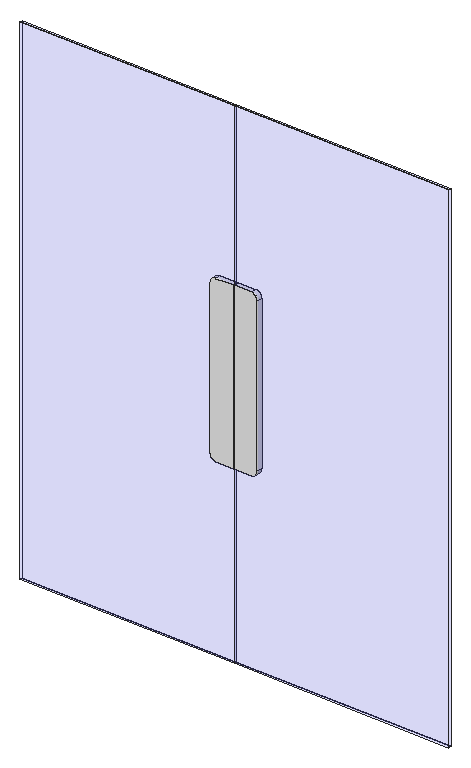
Revit family
Parameters
  Offset = 50 mm
  Material Ironmongery = Metal - Aluminum
  Material Door = Metal - Aluminum
  Handle X Distance = 75 mm
  Material Glass = Glass
  Glazing Thickness = 12 mm
Reference planes
  plane 1 "Center (Front/Back": y = 0
  plane 2: z = 0
  plane 3 "Center (Left/Right)": x = 82.523
  plane 4 "Left": x = -831.877
  plane 5 "Right": x = 996.923
  plane 6 "Top": z = 2133.6
  plane 7: z = 1066.8
  plane 8: y = 50
  plane 9: z = 1066.8
  plane 10: z = 750
  plane 11: z = 1450
  plane 12: z = 1550
  plane 13: z = 650
  plane 14: x = 7.523
  plane 15: x = 157.523
Forms (mm)
  Extrusion 1, solid, material "Glass" <- "Material Glass"
    sketch origin (0, 0, 0) x (1, 0, 0) y (0, 0, 1)
      loop
        line (996.923, 2133.6) -> (82.523, 2133.6) -> (82.523, 0) -> (996.923, 0) -> (996.923, 2133.6)
    from -50 to -38
  Extrusion 2, solid, material "Glass" <- "Material Glass"
    sketch origin (0, 0, 0) x (1, 0, 0) y (0, 0, 1)
      loop
        line (-831.877, 2133.6) -> (-831.877, 0) -> (82.523, 0) -> (82.523, 2133.6) -> (-831.877, 2133.6)
    from -50 to -38
  Extrusion 3, solid
    sketch origin (0, 50, 0) x (-1, 0, 0) y (0, 0, 1)
      loop
        line (-82.523, 750) -> (-7.523, 750)
        arc (-7.523, 750) -> (10.155, 757.322) -> (17.477, 775) r 25
        line (17.477, 775) -> (17.477, 1425)
        arc (17.477, 1425) -> (10.155, 1442.678) -> (-7.523, 1450) r 25
        line (-7.523, 1450) -> (-82.523, 1450) -> (-82.523, 750)
    from -17 to 5
  Extrusion 4, solid
    sketch origin (0, 50, 0) x (-1, 0, 0) y (0, 0, 1)
      loop
        line (-82.523, 750) -> (-82.523, 1450) -> (-157.523, 1450)
        arc (-157.523, 1450) -> (-175.201, 1442.678) -> (-182.523, 1425) r 25
        line (-182.523, 1425) -> (-182.523, 775)
        arc (-182.523, 775) -> (-175.201, 757.322) -> (-157.523, 750) r 25
        line (-157.523, 750) -> (-82.523, 750)
    from -17 to 5
Lines and regions (mm)
  symbolic lines, style "DoorsPanelProjection"
    curve 1: line (-831.877, 50, 0) -> (-831.877, 964.4, 0)
    curve 2: line (996.923, 50, 0) -> (996.923, 964.4, 0)
  symbolic lines, style "Plan Swing"
    curve 3: arc (-831.877, 964.4, 0) -> (-185.298, 696.578, 0) -> (82.523, 50, 0) r 914.4
    curve 4: arc (996.923, 964.4, 0) -> (350.345, 696.578, 0) -> (82.523, 50, 0) r 914.4
  symbolic lines, style "Elevation Swing"
    curve 5: line (84.111, 0, 2133.6) -> (996.923, 0, 1066.8)
    curve 6: line (996.923, 0, 1066.8) -> (82.523, 0, -1.855)
    curve 7: line (82.523, 0, -1.855) -> (-831.877, 0, 1066.8)
    curve 8: line (-831.877, 0, 1066.8) -> (80.936, 0, 2133.6)
Text (mm)
  text "Exterior" at (-790.651, 1092.624, 0), in view "Base Line"
Dimensions and locks
  equal spacing: plane 4 "Left", plane 3 "Center (Left/Right)", plane 5 "Right"
  equal spacing: plane 2, plane 7, plane 6 "Top"
  Extrusion 1 sketch curve to plane 3 "Center (Left/Right)" = 0 mm
  "Offset": plane 1 "Center (Front/Back" to plane 8
  "Glazing Thickness": Extrusion 1 to plane 8
  plane 3 "Center (Left/Right)" to Extrusion 2 sketch curve = 0 mm
  "Glazing Thickness": Extrusion 2 to plane 8
  plane 2 to plane 10 to plane 11 = 750 mm, 700 mm
  "Handle X Distance": plane 14 to plane 3 "Center (Left/Right)"
  "Handle X Distance": plane 3 "Center (Left/Right)" to plane 15
  Extrusion 3 sketch curve to plane 14 = 25 mm
  plane 15 to Extrusion 4 sketch curve = 25 mm
  locked: Extrusion 3 to Extrusion 2 at 5  (x2)
  aligned and locked: Extrusion 1 to plane 8
  aligned and locked: Extrusion 1 to Extrusion 2
  aligned and locked: Extrusion 2 to curve 1
  aligned and locked: curve 1 to Extrusion 2
  aligned and locked: curve 2 to Extrusion 1
  aligned and locked: Extrusion 1 to curve 2
  aligned and locked: plane 5 "Right" to Extrusion 1 sketch curve
  aligned and locked: plane 3 "Center (Left/Right)" to Extrusion 1 sketch curve
  aligned and locked: plane 3 "Center (Left/Right)" to Extrusion 2 sketch curve
  aligned and locked: plane 4 "Left" to Extrusion 2 sketch curve
  aligned and locked: plane 6 "Top" to Extrusion 1 sketch curve
  aligned and locked: plane 2 to Extrusion 1 sketch curve
  aligned and locked: Extrusion 2 sketch curve to plane 2
  aligned and locked: Extrusion 2 sketch curve to plane 6 "Top"
  aligned and locked: Extrusion 4 to Extrusion 3
  aligned and locked: Extrusion 3 to Extrusion 4
Automatic sketch dimensions
  curve 3 to plane 3 "Center (Left/Right)" = 0 mm
  curve 4 to plane 3 "Center (Left/Right)" = 0 mm
  curve 4 to plane 8 = 0 mm
  curve 8 to plane 6 "Top" = 0 mm
  curve 5 to plane 6 "Top" = 0 mm
  curve 6 to plane 5 "Right" = 0 mm
  curve 6 to plane 7 = 0 mm
  curve 8 to plane 4 "Left" = 0 mm
  curve 8 to plane 7 = 0 mm
  curve 7 to plane 3 "Center (Left/Right)" = 0 mm
  curve 7 to level = 1.855 mm
  curve 8 to plane 3 "Center (Left/Right)" = 1.588 mm
  plane 3 "Center (Left/Right)" to curve 5 = 1.587 mm
  Extrusion 3 sketch curve to plane 3 "Center (Left/Right)" = 0 mm
  Extrusion 3 sketch curve to plane 10 = 0 mm
  Extrusion 3 sketch curve to plane 11 = 0 mm
  Extrusion 3 sketch curve to plane 3 "Center (Left/Right)" = 75 mm
  plane 11 to Extrusion 3 sketch curve = 25 mm
  Extrusion 4 sketch curve to plane 11 = 0 mm
  Extrusion 4 sketch curve to plane 15 = 0 mm  (x2)
  Extrusion 4 sketch curve to plane 10 = 0 mm
  Extrusion 4 sketch curve to plane 3 "Center (Left/Right)" = 0 mm
